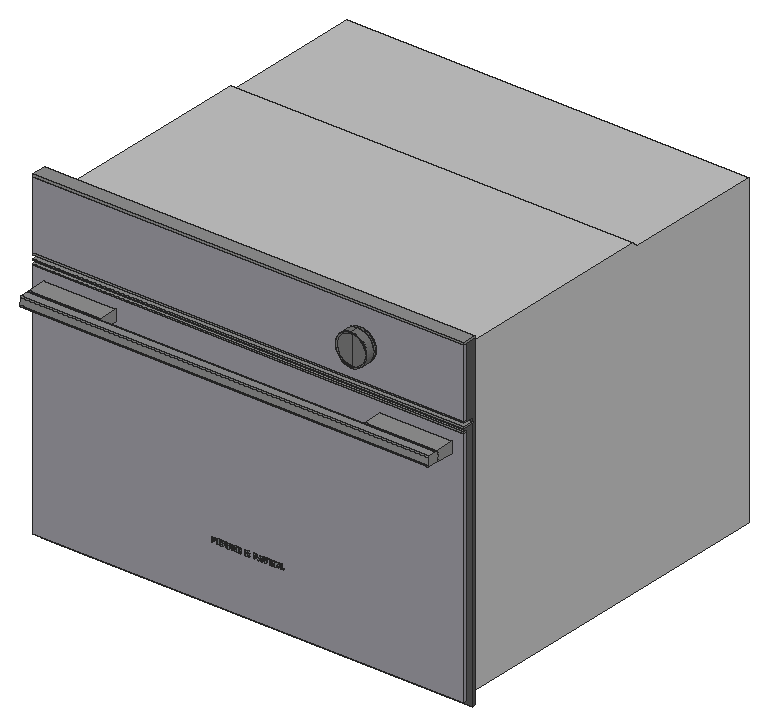
Revit family "FP-Revit19-en-OM60NMTDG1-CombinationSpeedOven-0-90003168A-AU-NZ-CN-IE-UK", category Specialty Equipment, Revit 2019
Family settings
  Round Connector Dimension = Use Diameter
  Part Type = Normal
  OmniClass Number = 23.40.40.14.17.11
  OmniClass Title = Cookers, Ovens, Stoves
  Work Plane-Based = No
  Always vertical = Yes
  Cut with Voids When Loaded = Yes
  Shared = No
  Room Calculation Point = No
Parameters (values of type "OM60NMTDG1")
  Visibility - Clearance Required = yes
  URL = "www.fisherpaykel.com"
  Product - Height = 458 mm  # constant formula
  Product - Width = 596 mm  # constant formula
  Product - Depth (Exc. Handles) = 565 mm  # constant formula
  Opening - Height = 460 mm  # constant formula
  Model = "OM60NMTDG1"
  Material - Trim = Fisher & Paykel - Aluminium, Dark
  Material - Structure = Fisher & Paykel - Black
  Material - Handle = Fisher & Paykel - Aluminium, Dark
  Material - Glass = Fisher & Paykel - Glass, Grey
  Material - Dial = Fisher & Paykel - Aluminium, Dark, Matt
  Material - Body = Fisher & Paykel - Grey
  Manufacturer = "Fisher & Paykel Appliances"
  FFL Offset [instance] = 900 mm
  Description = "Combination Microwave Oven, 60cm, 22 Function"
  Connector Description - Electrical = "220-240V , 50Hz , 20A"
  Chassis - Width = 556 mm  # constant formula
  Chassis - Height = 435 mm  # constant formula
  Chassis - Depth = 545 mm  # constant formula
  Cavity - Width = 560 mm  # constant formula
  Cavity - Height = 440 mm  # constant formula
  Cavity - Depth = 550 mm  # constant formula
Reference planes
  plane 1 "Datum": y = 0
  plane 2: z = -2
  plane 3 "Center (Left/Right)": x = 0
  plane 4 "Product - LHS": x = -298
  plane 5 "Product - RHS": x = 298
  plane 6 "Cavity - RHS": x = 280
  plane 7 "FFL Offset": z = 898
  plane 8 "Front Face": y = -20
  plane 9 "Chassis - Height": z = 1333
  plane 10 "Cavity - Height": z = 1338
  plane 11 "Opening - Height": z = 1358
  plane 12 "Chassis - Depth": y = 545
  plane 13 "Cavity - LHS": x = -280
  plane 14 "Cavity - Depth": y = 550
  plane 15 "Product - Height": z = 1356
  plane 16 "Opening - RHS": x = 300
  plane 17 "Opening - LHS": x = -300
  plane 18 "Chassis - LHS": x = -278
  plane 19 "Chassis - RHS": x = 278
Forms (mm)
  Extrusion 1, solid, material "Fisher & Paykel - Grey" <- "Material - Body"
    sketch origin (0, 0, 0) x (0, 1, 0) y (0, 0, 1)
      loop
        line (0, 1333) -> (0, 898) -> (528.001, 898) -> (528.001, 948) -> (545.001, 968.001) -> (545.001, 1163) -> (498, 1218) -> (498, 1326) -> (305, 1326) -> (298, 1333) -> (0, 1333)
    from -278 to 278
  Extrusion 2, solid, material "Fisher & Paykel - Black" <- "Material - Structure", detail levels fine
    sketch origin (0, 0, 0) x (0, 1, 0) y (0, 0, 1)
      loop
        line (0, 1352.7) -> (-16, 1352.7) -> (-16, 1256) -> (-4, 1256) -> (-4, 898) -> (0, 898) -> (0, 1352.7)
    from -298 to 298
  Extrusion 3, solid, material "Fisher & Paykel - Glass, Grey" <- "Material - Glass", detail levels fine
    sketch origin (0, 0, -3) x (0, 1, 0) y (0, 0, 1)
      loop
        line (-20, 1246.4) -> (-20, 912.8) -> (-16, 912.8) -> (-16, 1246.4) -> (-20, 1246.4)
      loop
        line (-20, 1260.8) -> (-16, 1260.8) -> (-16, 1355.7) -> (-20, 1355.7) -> (-20, 1260.8)
    from -298 to 298
  Extrusion 4, solid, material "Fisher & Paykel - Clearance Required", visible <- "Visibility - Clearance Required", detail levels coarse
    sketch origin (0, 0, -2) x (1, 0, 0) y (0, 1, 0)
      loop
        line (-280, 0) -> (280, 0) -> (280, 550) -> (-280, 550) -> (-280, 0)
    from 900 to 1340
  Extrusion 5, void
    sketch origin (0, 0, 0) x (0, 1, 0) y (0, 0, 1)
      loop
        line (-20, 898) -> (0, 898) -> (0, 1358) -> (-20, 1358) -> (-20, 898)
    from -300 to 300
  Extrusion 6, solid, material "Fisher & Paykel - Grey" <- "Material - Body"
    sketch origin (0, 2, 0) x (0, 1, 0) y (0, 0, 1)
      loop
        line (496, 1293.999) -> (496, 1237) -> (517.999, 1237) -> (517.999, 1293.999) -> (496, 1293.999)
    from 104 to 198
  Extrusion 7, solid, material "Fisher & Paykel - Aluminium, Dark" <- "Material - Trim", detail levels fine
    sketch origin (0, 0, -1.199) x (0, 1, 0) y (0, 0, 1)
      loop
        line (-16, 1257.199) -> (-16, 1258.999) -> (-20, 1258.999) -> (-20, 1257.199) -> (-16, 1257.199)
      loop
        line (-16, 1244.599) -> (-16, 1246.199) -> (-20, 1246.199) -> (-20, 1244.599) -> (-16, 1244.599)
      loop
        line (-4, 1250.799) -> (-4, 1252.399) -> (-20, 1252.399) -> (-20, 1250.799) -> (-4, 1250.799)
      loop
        line (0, 1353.899) -> (0, 1357.199) -> (-20, 1357.199) -> (-20, 1353.899) -> (0, 1353.899)
    from -298 to 298
  Extrusion 8, void
    sketch origin (0, 52, -2) x (1, 0, 0) y (0, 1, 0)
      loop
        line (229, 446) -> (278, 446) -> (278, 492.978) -> (201.878, 492.978) -> (229, 446)
      loop
        line (-229, 446) -> (-201.878, 492.978) -> (-278, 492.978) -> (-278, 446) -> (-229, 446)
    from 900 to 1340
  Extrusion 9, solid, material "Fisher & Paykel - Grey" <- "Material - Body"
    sketch origin (0, 6.626, -14.403) x (0, 1, 0) y (0, 0, 1)
      loop
        circle (501.374, 1279.903) r 5
    from 54 to 104
  Extrusion 10, void
    sketch origin (0, 0, -2) x (1, 0, 0) y (0, 1, 0)
      loop
        line (-280, 0) -> (280, 0) -> (280, 550) -> (-280, 550) -> (-280, 0)
    from 900 to 1340
  Extrusion 11, solid, material "Fisher & Paykel - Glass, Grey" <- "Material - Glass", detail levels coarse+medium
    sketch origin (0, 0, 0) x (0, 1, 0) y (0, 0, 1)
      loop
        line (-20, 1356) -> (-20, 1256) -> (-4, 1256) -> (-4, 1251.2) -> (-4, 1242.5) -> (-16, 1242.5) -> (-16, 1245) -> (-20, 1245) -> (-20, 909.8) -> (-4, 909.8) -> (-4, 898) -> (0, 898) -> (0, 1356) -> (-20, 1356)
    from -298 to 298
  Extrusion 12, solid, material "Fisher & Paykel - Black", detail levels fine
    sketch origin (0, 0, 0) x (0, 1, 0) y (0, 0, 1)
      loop
        line (-16, 1242.5) -> (-16, 909.8) -> (-4, 909.8) -> (-4, 1242.5) -> (-16, 1242.5)
    from -278 to 278
  Extrusion 13, solid, material "Fisher & Paykel - Clearance Required", visible <- "Visibility - Clearance Required", detail levels coarse
    sketch origin (0, 0, -15) x (0, 1, 0) y (0, 0, 1)
      loop
        line (-20, 927.07) -> (-20, 913) -> (0, 913) -> (0, 1373) -> (-20, 1373) -> (-20, 1260)
        arc (-20, 1260) -> (-242.697, 1184.786) -> (-349.951, 975.626) r 312.455
        line (-349.951, 975.626) -> (-323.58, 971.745) -> (-329.921, 928.657) -> (-313.601, 926.256) -> (-307.26, 969.344) -> (-20, 927.07)
    from -300 to 300
  Extrusion 14, void
    sketch origin (0, 0, 0) x (1, 0, 0) y (0, 0, 1)
      loop
        line (-132, 1285) -> (-140, 1285) -> (-140, 1277) -> (-132, 1277) -> (-132, 1285)
      loop
        line (-141, 1285) -> (-149, 1285) -> (-149, 1277) -> (-141, 1277) -> (-141, 1285)
      loop
        line (-150, 1285) -> (-158, 1285) -> (-158, 1277) -> (-150, 1277) -> (-150, 1285)
      loop
        line (-159, 1285) -> (-167, 1285) -> (-167, 1277) -> (-159, 1277) -> (-159, 1285)
      loop
        line (-168, 1285) -> (-176, 1285) -> (-176, 1277) -> (-168, 1277) -> (-168, 1285)
      loop
        line (-177, 1285) -> (-185, 1285) -> (-185, 1277) -> (-177, 1277) -> (-177, 1285)
      loop
        line (-186, 1285) -> (-194, 1285) -> (-194, 1277) -> (-186, 1277) -> (-186, 1285)
      loop
        line (-195, 1285) -> (-203, 1285) -> (-203, 1277) -> (-195, 1277) -> (-195, 1285)
      loop
        line (-204, 1285) -> (-212, 1285) -> (-212, 1277) -> (-204, 1277) -> (-204, 1285)
      loop
        line (-213, 1285) -> (-221, 1285) -> (-221, 1277) -> (-213, 1277) -> (-213, 1285)
      loop
        line (-222, 1285) -> (-230, 1285) -> (-230, 1277) -> (-222, 1277) -> (-222, 1285)
      loop
        line (-231, 1285) -> (-239, 1285) -> (-239, 1277) -> (-231, 1277) -> (-231, 1285)
      loop
        line (-240, 1285) -> (-248, 1285) -> (-248, 1277) -> (-240, 1277) -> (-240, 1285)
      loop
        line (-249, 1285) -> (-257, 1285) -> (-257, 1277) -> (-249, 1277) -> (-249, 1285)
      loop
        line (-258, 1285) -> (-266, 1285) -> (-266, 1277) -> (-258, 1277) -> (-258, 1285)
      loop
        line (-204, 1311.963) -> (-212, 1311.963) -> (-212, 1303.963) -> (-204, 1303.963) -> (-204, 1311.963)
      loop
        line (-213, 1311.963) -> (-221, 1311.963) -> (-221, 1303.963) -> (-213, 1303.963) -> (-213, 1311.963)
      loop
        line (-222, 1311.963) -> (-230, 1311.963) -> (-230, 1303.963) -> (-222, 1303.963) -> (-222, 1311.963)
      loop
        line (-231, 1311.963) -> (-239, 1311.963) -> (-239, 1303.963) -> (-231, 1303.963) -> (-231, 1311.963)
      loop
        line (-240, 1311.963) -> (-248, 1311.963) -> (-248, 1303.963) -> (-240, 1303.963) -> (-240, 1311.963)
      loop
        line (-249, 1311.963) -> (-257, 1311.963) -> (-257, 1303.963) -> (-249, 1303.963) -> (-249, 1311.963)
      loop
        line (-258, 1311.963) -> (-266, 1311.963) -> (-266, 1303.963) -> (-258, 1303.963) -> (-258, 1311.963)
      loop
        line (-204, 1303) -> (-212, 1303) -> (-212, 1295) -> (-204, 1295) -> (-204, 1303)
      loop
        line (-213, 1303) -> (-221, 1303) -> (-221, 1295) -> (-213, 1295) -> (-213, 1303)
      loop
        line (-222, 1303) -> (-230, 1303) -> (-230, 1295) -> (-222, 1295) -> (-222, 1303)
      loop
        line (-231, 1303) -> (-239, 1303) -> (-239, 1295) -> (-231, 1295) -> (-231, 1303)
      loop
        line (-240, 1303) -> (-248, 1303) -> (-248, 1295) -> (-240, 1295) -> (-240, 1303)
      loop
        line (-249, 1303) -> (-257, 1303) -> (-257, 1295) -> (-249, 1295) -> (-249, 1303)
      loop
        line (-258, 1303) -> (-266, 1303) -> (-266, 1295) -> (-258, 1295) -> (-258, 1303)
      loop
        line (-204, 1294) -> (-212, 1294) -> (-212, 1286) -> (-204, 1286) -> (-204, 1294)
      loop
        line (-213, 1294) -> (-221, 1294) -> (-221, 1286) -> (-213, 1286) -> (-213, 1294)
      loop
        line (-222, 1294) -> (-230, 1294) -> (-230, 1286) -> (-222, 1286) -> (-222, 1294)
      loop
        line (-231, 1294) -> (-239, 1294) -> (-239, 1286) -> (-231, 1286) -> (-231, 1294)
      loop
        line (-240, 1294) -> (-248, 1294) -> (-248, 1286) -> (-240, 1286) -> (-240, 1294)
      loop
        line (-249, 1294) -> (-257, 1294) -> (-257, 1286) -> (-249, 1286) -> (-249, 1294)
      loop
        line (-258, 1294) -> (-266, 1294) -> (-266, 1286) -> (-258, 1286) -> (-258, 1294)
      loop
        line (-132, 1276) -> (-140, 1276) -> (-140, 1268) -> (-132, 1268) -> (-132, 1276)
      loop
        line (-141, 1276) -> (-149, 1276) -> (-149, 1268) -> (-141, 1268) -> (-141, 1276)
      loop
        line (-150, 1276) -> (-158, 1276) -> (-158, 1268) -> (-150, 1268) -> (-150, 1276)
      loop
        line (-159, 1276) -> (-167, 1276) -> (-167, 1268) -> (-159, 1268) -> (-159, 1276)
      loop
        line (-168, 1276) -> (-176, 1276) -> (-176, 1268) -> (-168, 1268) -> (-168, 1276)
      loop
        line (-177, 1276) -> (-185, 1276) -> (-185, 1268) -> (-177, 1268) -> (-177, 1276)
      loop
        line (-186, 1276) -> (-194, 1276) -> (-194, 1268) -> (-186, 1268) -> (-186, 1276)
      loop
        line (-195, 1276) -> (-203, 1276) -> (-203, 1268) -> (-195, 1268) -> (-195, 1276)
      loop
        line (-204, 1276) -> (-212, 1276) -> (-212, 1268) -> (-204, 1268) -> (-204, 1276)
      loop
        line (-213, 1276) -> (-221, 1276) -> (-221, 1268) -> (-213, 1268) -> (-213, 1276)
      loop
        line (-222, 1276) -> (-230, 1276) -> (-230, 1268) -> (-222, 1268) -> (-222, 1276)
      loop
        line (-231, 1276) -> (-239, 1276) -> (-239, 1268) -> (-231, 1268) -> (-231, 1276)
      loop
        line (-240, 1276) -> (-248, 1276) -> (-248, 1268) -> (-240, 1268) -> (-240, 1276)
      loop
        line (-249, 1276) -> (-257, 1276) -> (-257, 1268) -> (-249, 1268) -> (-249, 1276)
      loop
        line (-258, 1276) -> (-266, 1276) -> (-266, 1268) -> (-258, 1268) -> (-258, 1276)
      loop
        line (-132, 1267) -> (-140, 1267) -> (-140, 1259) -> (-132, 1259) -> (-132, 1267)
      loop
        line (-141, 1267) -> (-149, 1267) -> (-149, 1259) -> (-141, 1259) -> (-141, 1267)
      loop
        line (-150, 1267) -> (-158, 1267) -> (-158, 1259) -> (-150, 1259) -> (-150, 1267)
      loop
        line (-159, 1267) -> (-167, 1267) -> (-167, 1259) -> (-159, 1259) -> (-159, 1267)
      loop
        line (-168, 1267) -> (-176, 1267) -> (-176, 1259) -> (-168, 1259) -> (-168, 1267)
      loop
        line (-177, 1267) -> (-185, 1267) -> (-185, 1259) -> (-177, 1259) -> (-177, 1267)
      loop
        line (-186, 1267) -> (-194, 1267) -> (-194, 1259) -> (-186, 1259) -> (-186, 1267)
      loop
        line (-195, 1267) -> (-203, 1267) -> (-203, 1259) -> (-195, 1259) -> (-195, 1267)
      loop
        line (-204, 1267) -> (-212, 1267) -> (-212, 1259) -> (-204, 1259) -> (-204, 1267)
      loop
        line (-213, 1267) -> (-221, 1267) -> (-221, 1259) -> (-213, 1259) -> (-213, 1267)
      loop
        line (-222, 1267) -> (-230, 1267) -> (-230, 1259) -> (-222, 1259) -> (-222, 1267)
      loop
        line (-231, 1267) -> (-239, 1267) -> (-239, 1259) -> (-231, 1259) -> (-231, 1267)
      loop
        line (-240, 1267) -> (-248, 1267) -> (-248, 1259) -> (-240, 1259) -> (-240, 1267)
      loop
        line (-249, 1267) -> (-257, 1267) -> (-257, 1259) -> (-249, 1259) -> (-249, 1267)
      loop
        line (-258, 1267) -> (-266, 1267) -> (-266, 1259) -> (-258, 1259) -> (-258, 1267)
      loop
        line (-132, 1258) -> (-140, 1258) -> (-140, 1250) -> (-132, 1250) -> (-132, 1258)
      loop
        line (-141, 1258) -> (-149, 1258) -> (-149, 1250) -> (-141, 1250) -> (-141, 1258)
      loop
        line (-150, 1258) -> (-158, 1258) -> (-158, 1250) -> (-150, 1250) -> (-150, 1258)
      loop
        line (-159, 1258) -> (-167, 1258) -> (-167, 1250) -> (-159, 1250) -> (-159, 1258)
      loop
        line (-168, 1258) -> (-176, 1258) -> (-176, 1250) -> (-168, 1250) -> (-168, 1258)
      loop
        line (-177, 1258) -> (-185, 1258) -> (-185, 1250) -> (-177, 1250) -> (-177, 1258)
      loop
        line (-186, 1258) -> (-194, 1258) -> (-194, 1250) -> (-186, 1250) -> (-186, 1258)
      loop
        line (-195, 1258) -> (-203, 1258) -> (-203, 1250) -> (-195, 1250) -> (-195, 1258)
      loop
        line (-204, 1258) -> (-212, 1258) -> (-212, 1250) -> (-204, 1250) -> (-204, 1258)
      loop
        line (-213, 1258) -> (-221, 1258) -> (-221, 1250) -> (-213, 1250) -> (-213, 1258)
      loop
        line (-222, 1258) -> (-230, 1258) -> (-230, 1250) -> (-222, 1250) -> (-222, 1258)
      loop
        line (-231, 1258) -> (-239, 1258) -> (-239, 1250) -> (-231, 1250) -> (-231, 1258)
      loop
        line (-240, 1258) -> (-248, 1258) -> (-248, 1250) -> (-240, 1250) -> (-240, 1258)
      loop
        line (-249, 1258) -> (-257, 1258) -> (-257, 1250) -> (-249, 1250) -> (-249, 1258)
      loop
        line (-258, 1258) -> (-266, 1258) -> (-266, 1250) -> (-258, 1250) -> (-258, 1258)
      loop
        line (-132, 1249) -> (-140, 1249) -> (-140, 1241) -> (-132, 1241) -> (-132, 1249)
      loop
        line (-141, 1249) -> (-149, 1249) -> (-149, 1241) -> (-141, 1241) -> (-141, 1249)
      loop
        line (-150, 1249) -> (-158, 1249) -> (-158, 1241) -> (-150, 1241) -> (-150, 1249)
      loop
        line (-159, 1249) -> (-167, 1249) -> (-167, 1241) -> (-159, 1241) -> (-159, 1249)
      loop
        line (-168, 1249) -> (-176, 1249) -> (-176, 1241) -> (-168, 1241) -> (-168, 1249)
      loop
        line (-177, 1249) -> (-185, 1249) -> (-185, 1241) -> (-177, 1241) -> (-177, 1249)
      loop
        line (-186, 1249) -> (-194, 1249) -> (-194, 1241) -> (-186, 1241) -> (-186, 1249)
      loop
        line (-195, 1249) -> (-203, 1249) -> (-203, 1241) -> (-195, 1241) -> (-195, 1249)
      loop
        line (-204, 1249) -> (-212, 1249) -> (-212, 1241) -> (-204, 1241) -> (-204, 1249)
      loop
        line (-213, 1249) -> (-221, 1249) -> (-221, 1241) -> (-213, 1241) -> (-213, 1249)
      loop
        line (-222, 1249) -> (-230, 1249) -> (-230, 1241) -> (-222, 1241) -> (-222, 1249)
      loop
        line (-231, 1249) -> (-239, 1249) -> (-239, 1241) -> (-231, 1241) -> (-231, 1249)
      loop
        line (-240, 1249) -> (-248, 1249) -> (-248, 1241) -> (-240, 1241) -> (-240, 1249)
      loop
        line (-249, 1249) -> (-257, 1249) -> (-257, 1241) -> (-249, 1241) -> (-249, 1249)
      loop
        line (-258, 1249) -> (-266, 1249) -> (-266, 1241) -> (-258, 1241) -> (-258, 1249)
      loop
        line (-132, 1240) -> (-140, 1240) -> (-140, 1232) -> (-132, 1232) -> (-132, 1240)
      loop
        line (-141, 1240) -> (-149, 1240) -> (-149, 1232) -> (-141, 1232) -> (-141, 1240)
      loop
        line (-150, 1240) -> (-158, 1240) -> (-158, 1232) -> (-150, 1232) -> (-150, 1240)
      loop
        line (-159, 1240) -> (-167, 1240) -> (-167, 1232) -> (-159, 1232) -> (-159, 1240)
      loop
        line (-168, 1240) -> (-176, 1240) -> (-176, 1232) -> (-168, 1232) -> (-168, 1240)
      loop
        line (-177, 1240) -> (-185, 1240) -> (-185, 1232) -> (-177, 1232) -> (-177, 1240)
      loop
        line (-186, 1240) -> (-194, 1240) -> (-194, 1232) -> (-186, 1232) -> (-186, 1240)
      loop
        line (-195, 1240) -> (-203, 1240) -> (-203, 1232) -> (-195, 1232) -> (-195, 1240)
      loop
        line (-204, 1240) -> (-212, 1240) -> (-212, 1232) -> (-204, 1232) -> (-204, 1240)
      loop
        line (-213, 1240) -> (-221, 1240) -> (-221, 1232) -> (-213, 1232) -> (-213, 1240)
      loop
        line (-222, 1240) -> (-230, 1240) -> (-230, 1232) -> (-222, 1232) -> (-222, 1240)
      loop
        line (-231, 1240) -> (-239, 1240) -> (-239, 1232) -> (-231, 1232) -> (-231, 1240)
      loop
        line (-240, 1240) -> (-248, 1240) -> (-248, 1232) -> (-240, 1232) -> (-240, 1240)
      loop
        line (-249, 1240) -> (-257, 1240) -> (-257, 1232) -> (-249, 1232) -> (-249, 1240)
      loop
        line (-258, 1240) -> (-266, 1240) -> (-266, 1232) -> (-258, 1232) -> (-258, 1240)
      loop
        line (-213, 1231) -> (-221, 1231) -> (-221, 1223) -> (-213, 1223) -> (-213, 1231)
      loop
        line (-222, 1231) -> (-230, 1231) -> (-230, 1223) -> (-222, 1223) -> (-222, 1231)
      loop
        line (-231, 1231) -> (-239, 1231) -> (-239, 1223) -> (-231, 1223) -> (-231, 1231)
      loop
        line (-240, 1231) -> (-248, 1231) -> (-248, 1223) -> (-240, 1223) -> (-240, 1231)
      loop
        line (-249, 1231) -> (-257, 1231) -> (-257, 1223) -> (-249, 1223) -> (-249, 1231)
      loop
        line (-258, 1231) -> (-266, 1231) -> (-266, 1223) -> (-258, 1223) -> (-258, 1231)
    from -498 to -497
Cuts and joins
  Extrusion 8, Extrusion 14 cuts Extrusion 1
  Extrusion 14 cuts Extrusion 2
  Extrusion 14 cuts Extrusion 3
  Extrusion 14 cuts Extrusion 7
  Extrusion 14 cuts Extrusion 11
  Extrusion 14 cuts Extrusion 12
  Extrusion 14 cuts Extrusion 13
Text (mm)
  text "Due to ongoing product development, product details are subject to change without notice. \nPlease always refer to www.fisherpaykel.com for the most current product information. \n© Fisher & Paykel 2020" at (41.04, -613.295, 0), in view "Ref. Level (Plan)"
Dimensions and locks
  equal spacing: plane 4 "Product - LHS", plane 3 "Center (Left/Right)", plane 5 "Product - RHS"
  "Product - Width": plane 4 "Product - LHS" to plane 5 "Product - RHS"
  "FFL Offset": plane 7 "FFL Offset" to level
  locked: plane 8 "Front Face" to plane 1 "Datum" at 20
  "Cavity - Height": plane 10 "Cavity - Height" to plane 7 "FFL Offset"
  "Chassis - Height": plane 9 "Chassis - Height" to plane 7 "FFL Offset"
  "Cavity - Depth": plane 1 "Datum" to plane 14 "Cavity - Depth"
  "Cavity - Width": plane 13 "Cavity - LHS" to plane 6 "Cavity - RHS"
  Extrusion 5 to Extrusion 3 = 11.8 mm
  equal spacing: plane 13 "Cavity - LHS", plane 3 "Center (Left/Right)", plane 6 "Cavity - RHS"
  "Opening - Height": plane 7 "FFL Offset" to plane 11 "Opening - Height"
  "Product - Height": plane 7 "FFL Offset" to plane 15 "Product - Height"
  equal spacing: cut or joined group of Extrusion 1, Extrusion 8, Extrusion 14, plane 3 "Center (Left/Right)", cut or joined group of Extrusion 1, Extrusion 8, Extrusion 14
  "Chassis - Width": cut or joined group of Extrusion 1, Extrusion 8, Extrusion 14 to cut or joined group of Extrusion 1, Extrusion 8, Extrusion 14
  locked: nested 2 to plane 15 "Product - Height" at 366.018
  locked: plane 15 "Product - Height" to nested 3 at 135
  "Chassis - Depth": plane 1 "Datum" to plane 12 "Chassis - Depth"
  plane 8 "Front Face" to plane 12 "Chassis - Depth" = 565 mm
  equal spacing: plane 17 "Opening - LHS", plane 3 "Center (Left/Right)", plane 16 "Opening - RHS"
  locked: nested 1 to plane 15 "Product - Height" at 52
  aligned and locked: level to plane 2
  aligned and locked: plane 4 "Product - LHS" to Extrusion 3
  aligned and locked: Extrusion 3 to plane 5 "Product - RHS"
  aligned and locked: plane 4 "Product - LHS" to Extrusion 2
  aligned and locked: Extrusion 2 to plane 5 "Product - RHS"
  aligned and locked: Extrusion 1 to plane 7 "FFL Offset"
  aligned and locked: Extrusion 7 to plane 5 "Product - RHS"
  aligned and locked: Extrusion 7 to Extrusion 3
  aligned and locked: Extrusion 5 to Extrusion 3
  aligned and locked: Extrusion 3 to Extrusion 7
  aligned and locked: Extrusion 7 to plane 1 "Datum"
  aligned and locked: plane 8 "Front Face" to Extrusion 5
  aligned and locked: Extrusion 4 to plane 6 "Cavity - RHS"
  aligned and locked: Extrusion 9 to Extrusion 6
  aligned and locked: plane 10 "Cavity - Height" to Extrusion 4
  aligned and locked: Extrusion 5 to plane 11 "Opening - Height"
  aligned and locked: Extrusion 5 to Extrusion 2
  aligned and locked: Extrusion 7 to plane 15 "Product - Height"
  aligned and locked: Extrusion 7 to Extrusion 2
  aligned and locked: Extrusion 4 to Extrusion 2
  aligned and locked: Extrusion 4 to Extrusion 8
  aligned and locked: Extrusion 4 to plane 7 "FFL Offset"
  aligned and locked: Extrusion 1 to Extrusion 8
  aligned and locked: plane 10 "Cavity - Height" to Extrusion 10
  aligned and locked: Extrusion 2 to Extrusion 10
  aligned and locked: plane 9 "Chassis - Height" to Extrusion 1
  aligned and locked: Extrusion 3 to Extrusion 12
  aligned and locked: Extrusion 14 to Extrusion 6
  aligned and locked: Extrusion 11 to plane 5 "Product - RHS"
  aligned and locked: plane 4 "Product - LHS" to Extrusion 11
Automatic sketch dimensions
  Extrusion 2 sketch curve to plane 7 "FFL Offset" = 0 mm
  Extrusion 2 sketch curve to plane 1 "Datum" = 0 mm
  plane 1 "Datum" to Extrusion 2 sketch curve = 4 mm
  Extrusion 2 sketch curve to plane 8 "Front Face" = 4 mm
  Extrusion 2 sketch curve to plane 9 "Chassis - Height" = 77 mm
  plane 15 "Product - Height" to Extrusion 2 sketch curve = 3.3 mm
  Extrusion 3 sketch curve to plane 8 "Front Face" = 0 mm  (x2)
  Extrusion 3 sketch curve to Extrusion 3 sketch curve = 4 mm  (x2)
  plane 7 "FFL Offset" to Extrusion 3 sketch curve = 11.8 mm
  Extrusion 3 sketch curve to plane 9 "Chassis - Height" = 89.6 mm
  Extrusion 3 sketch curve to Extrusion 3 sketch curve = 14.4 mm
  plane 15 "Product - Height" to Extrusion 3 sketch curve = 3.3 mm
  Extrusion 4 sketch curve to plane 13 "Cavity - LHS" = 0 mm
  Extrusion 4 sketch curve to plane 6 "Cavity - RHS" = 0 mm
  plane 1 "Datum" to Extrusion 4 sketch curve = 0 mm
  Extrusion 4 sketch curve to plane 14 "Cavity - Depth" = 0 mm
  Extrusion 5 sketch curve to plane 8 "Front Face" = 0 mm
  Extrusion 5 sketch curve to plane 1 "Datum" = 0 mm
  Extrusion 5 sketch curve to plane 7 "FFL Offset" = 0 mm
  plane 11 "Opening - Height" to Extrusion 5 sketch curve = 0 mm
  Extrusion 6 sketch curve to Extrusion 6 sketch curve = 21.999 mm
  Extrusion 6 sketch curve to plane 9 "Chassis - Height" = 96 mm
  Extrusion 6 sketch curve to plane 9 "Chassis - Height" = 39.001 mm
  Extrusion 7 sketch curve to plane 8 "Front Face" = 0 mm  (x4)
  Extrusion 7 sketch curve to plane 1 "Datum" = 0 mm
  plane 15 "Product - Height" to Extrusion 7 sketch curve = 0 mm
  Extrusion 7 sketch curve to Extrusion 7 sketch curve = 4 mm  (x2)
  plane 1 "Datum" to Extrusion 7 sketch curve = 4 mm
  plane 15 "Product - Height" to Extrusion 7 sketch curve = 3.3 mm
  Extrusion 7 sketch curve to plane 9 "Chassis - Height" = 75.2 mm
  Extrusion 7 sketch curve to Extrusion 7 sketch curve = 1.8 mm
  Extrusion 7 sketch curve to Extrusion 7 sketch curve = 4.8 mm
  Extrusion 7 sketch curve to Extrusion 7 sketch curve = 1.6 mm  (x2)
  Extrusion 7 sketch curve to Extrusion 7 sketch curve = 4.6 mm
  Extrusion 8 sketch curve to plane 18 "Chassis - LHS" = 0 mm
  Extrusion 8 sketch curve to plane 19 "Chassis - RHS" = 0 mm
  Extrusion 8 sketch curve to plane 18 "Chassis - LHS" = 49 mm
  plane 12 "Chassis - Depth" to Extrusion 8 sketch curve = 0.022 mm  (x2)
  Extrusion 8 sketch curve to Extrusion 8 sketch curve = 27.122 mm
  plane 19 "Chassis - RHS" to Extrusion 8 sketch curve = 76.122 mm
  plane 19 "Chassis - RHS" to Extrusion 8 sketch curve = 49 mm
  Extrusion 9 sketch curve to plane 9 "Chassis - Height" = 67.5 mm
  Extrusion 10 sketch curve to plane 13 "Cavity - LHS" = 0 mm
  Extrusion 10 sketch curve to plane 6 "Cavity - RHS" = 0 mm
  plane 1 "Datum" to Extrusion 10 sketch curve = 0 mm
  Extrusion 10 sketch curve to plane 14 "Cavity - Depth" = 0 mm
  Extrusion 12 sketch curve to plane 8 "Front Face" = 4 mm
  plane 1 "Datum" to Extrusion 12 sketch curve = 4 mm
  plane 7 "FFL Offset" to Extrusion 12 sketch curve = 11.8 mm
  Extrusion 12 sketch curve to plane 9 "Chassis - Height" = 90.5 mm
  Extrusion 13 sketch curve to plane 8 "Front Face" = 0 mm  (x2)
  Extrusion 13 sketch curve to plane 1 "Datum" = 0 mm
  Extrusion 13 sketch curve to plane 7 "FFL Offset" = 0 mm
  plane 11 "Opening - Height" to Extrusion 13 sketch curve = 0 mm
  plane 8 "Front Face" to Extrusion 13 sketch curve = 18.71 mm
  plane 7 "FFL Offset" to Extrusion 13 sketch curve = 56.344 mm
  Extrusion 13 sketch curve to Extrusion 13 sketch curve = 268.55 mm
  plane 7 "FFL Offset" to Extrusion 13 sketch curve = 13.256 mm
  Extrusion 13 sketch curve to Extrusion 13 sketch curve = 6.341 mm
  plane 7 "FFL Offset" to Extrusion 13 sketch curve = 58.745 mm
  Extrusion 13 sketch curve to Extrusion 13 sketch curve = 16.32 mm
  plane 7 "FFL Offset" to Extrusion 13 sketch curve = 62.626 mm
  Extrusion 13 sketch curve to Extrusion 13 sketch curve = 21.035 mm
  Extrusion 14 sketch curve to plane 18 "Chassis - LHS" = 12 mm  (x2)
  Extrusion 14 sketch curve to Extrusion 14 sketch curve = 0 mm  (x242)
  Extrusion 14 sketch curve to Extrusion 14 sketch curve = 8 mm  (x74)
  Extrusion 14 sketch curve to Extrusion 14 sketch curve = 1 mm  (x142)
  Extrusion 14 sketch curve to Extrusion 14 sketch curve = 0.963 mm  (x7)
  Extrusion 14 sketch curve to plane 9 "Chassis - Height" = 110 mm
  plane 12 "Chassis - Depth" to Extrusion 6 sketch curve = 47 mm
  plane 12 "Chassis - Depth" to Extrusion 8 sketch curve = 47 mm  (x2)
  plane 12 "Chassis - Depth" to Extrusion 9 sketch curve = 37 mm
  Extrusion 1 sketch curve to plane 1 "Datum" = 0 mm
  Extrusion 1 sketch curve to plane 9 "Chassis - Height" = 0 mm
  Extrusion 1 sketch curve to plane 7 "FFL Offset" = 0 mm
  Extrusion 1 sketch curve to plane 12 "Chassis - Depth" = 0.001 mm
  plane 12 "Chassis - Depth" to Extrusion 1 sketch curve = 247 mm
  Extrusion 1 sketch curve to Extrusion 1 sketch curve = 7 mm
  Extrusion 1 sketch curve to plane 9 "Chassis - Height" = 7 mm
  plane 12 "Chassis - Depth" to Extrusion 1 sketch curve = 47 mm
  plane 12 "Chassis - Depth" to Extrusion 1 sketch curve = 16.999 mm
  Extrusion 1 sketch curve to Extrusion 1 sketch curve = 50 mm
  Extrusion 1 sketch curve to Extrusion 1 sketch curve = 163 mm
  Extrusion 1 sketch curve to Extrusion 1 sketch curve = 55 mm
  Extrusion 1 sketch curve to Extrusion 1 sketch curve = 20.001 mm
  Extrusion 11 sketch curve to plane 8 "Front Face" = 0 mm  (x2)
  Extrusion 11 sketch curve to plane 7 "FFL Offset" = 0 mm
  Extrusion 11 sketch curve to plane 1 "Datum" = 0 mm
  plane 15 "Product - Height" to Extrusion 11 sketch curve = 0 mm
  Extrusion 11 sketch curve to Extrusion 11 sketch curve = 4 mm
  plane 1 "Datum" to Extrusion 11 sketch curve = 4 mm  (x2)
  plane 7 "FFL Offset" to Extrusion 11 sketch curve = 11.8 mm
  Extrusion 11 sketch curve to plane 9 "Chassis - Height" = 90.5 mm
  Extrusion 11 sketch curve to Extrusion 11 sketch curve = 2.5 mm
  Extrusion 11 sketch curve to Extrusion 11 sketch curve = 8.7 mm
  Extrusion 11 sketch curve to Extrusion 11 sketch curve = 11 mm
  radius of Extrusion 9 sketch curve = 5 mm
Nested families
  nested 1: "F&P Dial Minimal Oven" at (155.3, -20, 1304), type "F&P Dial Minimal Oven"
  nested 2: "F&P Logo 100mm" at (0.044, -20, 987.177), type "Grey"
  nested 3: "F&P Handle Contemporary Square Fine OB60-24" at (0, -20, 1221.022), type "Aluminium Black"
Connectors
  electrical at (54, 508, 1265.5), driven by "Connector Description - Electrical"
    settings: on Extrusion 9, index 1, voltage 230 V, apparent load 0 VA, apparent load phase1 0 VA, apparent load phase2 0 VA, apparent load phase3 0 VA, power factor 1, load classification "Other", number of poles 1, system type 30, power factor state 1, is connector primary yes, connector utility no, sub classification motor no, connector description "220-240V , 50Hz , 20A"
Definition of nested family "F&P Dial Minimal Oven"
  Parameters (values of type "F&P Dial Minimal Oven")
    URL = "www.fisherpaykel.com"
    Material - Buttons and Dials = none
    Manufacturer = "Fisher & Paykel Appliances"
  Reference planes
    plane 1 "Center (Front/Back)": y = 0
    plane 2: z = 0
    plane 3 "Center (Left/Right)": x = 0
    plane 4: x = 0
    plane 5 "Dial": z = 0
  Forms (mm)
    Revolve 1, solid, material <- "Material - Buttons and Dials", detail levels fine
      sketch origin (0, 0, 0) x (0, 1, 0) y (0, 0, 1)
        loop
          line (-15.2, 0) -> (0, 0) -> (0, 22) -> (-0.8, 22) -> (-0.8, 18.5) -> (-4.2, 18.5) -> (-4.2, 20.136) -> (-4.7, 22) -> (-15.8, 22) -> (-15.8, 21.2) -> (-15.301, 20) -> (-15.301, 0)
        axis (-15.8, 0) -> (0, 0)
      angle from 0 to 360
    Revolve 2, solid, material <- "Material - Buttons and Dials", detail levels coarse+medium
      sketch origin (0, 0, 0) x (0, 1, 0) y (0, 0, 1)
        loop
          line (0, 18.5) -> (-4.2, 18.5) -> (-4.2, 22) -> (-15.8, 22) -> (-15.8, 0) -> (0, 0) -> (0, 18.5)
        axis (-15.8, 0) -> (0, 0)
      angle from 0 to 360
  Dimensions and locks
    aligned and locked: level to plane 2
Definition of nested family "F&P Logo 100mm"
  Parameters (values of type "Grey")
    URL = "www.fisherpaykel.com"
    Material - Logo = none
    Manufacturer = "Fisher & Paykel Appliances"
  Reference planes
    plane 1 "Center (Front/Back)": y = 0
    plane 2: z = 0
    plane 3 "Center (Left/Right)": x = 0
    plane 4 "Logo": z = 2.805
  Forms (mm)
    Extrusion 1, solid, material <- "Material - Logo", detail levels fine
      sketch origin (0, 0, 0) x (1, 0, 0) y (0, 0, 1)
        loop
          line (-50.044, 0) -> (-48.47, 0) -> (-48.47, 2.138) -> (-46.011, 2.138) -> (-46.011, 3.472) -> (-48.47, 3.472) -> (-48.47, 4.712) -> (-45.795, 4.712) -> (-45.795, 6.04) -> (-50.044, 6.04) -> (-50.044, 0)
        loop
          line (-42.804, 6.04) -> (-42.804, 0) -> (-41.23, 0) -> (-41.23, 6.04) -> (-42.804, 6.04)
        loop
          line (-30.724, 6.04) -> (-30.724, 0) -> (-29.151, 0) -> (-29.151, 2.42) -> (-26.839, 2.42) -> (-26.839, 0) -> (-25.265, 0) -> (-25.265, 6.04) -> (-26.839, 6.04) -> (-26.839, 3.748) -> (-29.151, 3.748) -> (-29.151, 6.04) -> (-30.724, 6.04)
        loop
          line (-21.906, 6.04) -> (-21.906, 0) -> (-17.602, 0) -> (-17.602, 1.328) -> (-20.347, 1.328) -> (-20.347, 2.42) -> (-17.838, 2.42) -> (-17.838, 3.748) -> (-20.347, 3.748) -> (-20.347, 4.712) -> (-17.602, 4.712) -> (-17.602, 6.04) -> (-21.906, 6.04)
        loop
          line (45.667, 6.04) -> (45.667, 0) -> (49.956, 0) -> (49.956, 1.328) -> (47.241, 1.328) -> (47.241, 6.04) -> (45.667, 6.04)
        loop
          line (42.431, 6.04) -> (38.112, 6.04) -> (38.112, 0) -> (42.431, 0) -> (42.431, 1.328) -> (39.687, 1.328) -> (39.687, 2.42) -> (42.195, 2.42) -> (42.195, 3.748) -> (39.687, 3.748) -> (39.687, 4.712) -> (42.431, 4.712) -> (42.431, 6.04)
        loop
          line (33.443, 3.137) -> (35.683, 6.04) -> (33.844, 6.04) -> (31.915, 3.542) -> (31.915, 6.04) -> (30.342, 6.04) -> (30.342, 0) -> (31.915, 0) -> (31.915, 2.705) -> (33.903, 0) -> (35.747, 0) -> (33.443, 3.137)
        loop
          line (21.98, 6.04) -> (24.262, 2.42) -> (24.262, 0) -> (25.837, 0) -> (25.837, 2.341) -> (28.119, 6.04) -> (26.446, 6.04) -> (25.099, 3.707) -> (23.753, 6.04) -> (21.98, 6.04)
        loop
          line (18.479, 6.04) -> (16.983, 6.04) -> (14.524, 0) -> (16.069, 0) -> (16.501, 1.112) -> (18.786, 1.112) -> (19.219, 0) -> (20.938, 0) -> (18.479, 6.04)
        loop
          line (18.4, 2.439) -> (17.693, 4.174) -> (17.018, 2.439) -> (18.4, 2.439)
        loop
          line (8.031, 6.04) -> (8.031, 0) -> (9.605, 0) -> (9.605, 1.938) -> (10.599, 1.938)
          arc (10.599, 1.938) -> (12.65, 3.989) -> (10.599, 6.04) r 2.051
          line (10.599, 6.04) -> (8.031, 6.04)
        loop
          line (9.605, 4.712) -> (9.605, 3.197) -> (10.501, 3.197)
          arc (10.501, 3.197) -> (11.259, 3.954) -> (10.501, 4.712) r 0.757
          line (10.501, 4.712) -> (9.605, 4.712)
        loop
          line (-11.783, 6.04) -> (-14.366, 6.04) -> (-14.366, 0) -> (-12.792, 0) -> (-12.792, 1.336) -> (-11.992, 1.336) -> (-10.972, 0) -> (-9.153, 0) -> (-10.694, 1.973)
          arc (-10.694, 1.973) -> (-9.678, 4.424) -> (-11.783, 6.04) r 2.179
        loop
          line (-11.897, 4.712) -> (-12.792, 4.712) -> (-12.792, 3.053) -> (-11.897, 3.053)
          arc (-11.897, 3.053) -> (-11.068, 3.882) -> (-11.897, 4.712) r 0.83
        loop
          line (0.477, 4.712) -> (0.477, 6.153) -> (-3.575, 6.153) -> (-3.575, 4.851) -> (-2.974, 4.112)
          arc (-2.974, 4.112) -> (-3.51, 0.684) -> (-0.045, 0.512) r 2.334
          line (-0.045, 0.512) -> (0.46, -0.109) -> (2.246, -0.109) -> (0.86, 1.594) -> (2.061, 3.324) -> (0.443, 3.324) -> (-0.013, 2.667) -> (-1.677, 4.712) -> (0.477, 4.712)
        loop
          arc (-2.125, 3.068) -> (-2.269, 1.668) -> (-0.868, 1.524) r 0.996
          line (-0.868, 1.524) -> (-2.125, 3.068)
        loop
          line (-35.18, 3.634) -> (-36.516, 3.91)
          arc (-36.516, 3.91) -> (-37.049, 4.443) -> (-36.516, 4.976) r 0.533
          arc (-36.516, 4.976) -> (-35.235, 4.79) -> (-34.059, 4.248) r 4.505
          line (-34.059, 4.248) -> (-34.059, 5.743)
          arc (-34.059, 5.743) -> (-35.549, 6.179) -> (-37.1, 6.109) r 4.726
          arc (-37.1, 6.109) -> (-38.536, 4.335) -> (-37.1, 2.561) r 1.814
          line (-37.1, 2.561) -> (-35.754, 2.282)
          arc (-35.754, 2.282) -> (-35.221, 1.749) -> (-35.754, 1.216) r 0.533
          arc (-35.754, 1.216) -> (-37.035, 1.402) -> (-38.211, 1.945) r 4.505
          line (-38.211, 1.945) -> (-38.211, 0.449)
          arc (-38.211, 0.449) -> (-36.72, 0.013) -> (-35.169, 0.083) r 4.726
          arc (-35.169, 0.083) -> (-33.734, 1.863) -> (-35.18, 3.634) r 1.814
      from 0 to 0.8
  Dimensions and locks
    aligned and locked: level to plane 2
Definition of nested family "F&P Handle Contemporary Square Fine OB60-24"
  Parameters (values of type "Aluminium Black")
    URL = "www.fisherpaykel.com"
    Material - Handle = none
    Manufacturer = "Fisher & Paykel Appliances"
    Handle - Length = 565 mm
  Reference planes
    plane 1 "Center (Front/Back)": y = 0
    plane 2: z = 0
    plane 3 "Center (Left/Right)": x = 0
    plane 4 "Product LHS": x = -282.5
    plane 5 "Product RHS": x = 282.5
    plane 6 "LHS Standoff": x = -182.495
    plane 7 "RHS Standoff": x = 182.505
    plane 8 "Handle centre": z = -0.022
    plane 9: z = -0.022
  Forms (mm)
    Extrusion 1, solid, material <- "Material - Handle", detail levels fine
      sketch origin (0, 0, 0) x (0, 1, 0) y (0, 0, 1)
        loop
          arc (-26.813, 6.16) -> (-27.196, 6.554) -> (-27.728, 6.686) r 1
          line (-27.728, 6.686) -> (-40.035, 6.256)
          arc (-40.035, 6.256) -> (-40.719, 5.951) -> (-41, 5.257) r 1
          line (-41, 5.257) -> (-41, -5.257)
          arc (-41, -5.257) -> (-40.719, -5.951) -> (-40.035, -6.256) r 1
          line (-40.035, -6.256) -> (-27.709, -6.686)
          arc (-27.709, -6.686) -> (-27.175, -6.554) -> (-26.792, -6.158) r 1
          arc (-26.792, -6.158) -> (-25.256, 0.004) -> (-26.813, 6.16) r 13.038
      from -282.5 to 282.5
    Extrusion 2, solid, material <- "Material - Handle", detail levels fine
      sketch origin (0, 0, 0) x (0, 1, 0) y (0, 0, 1)
        loop
          arc (-26.626, -6.008) -> (-26.614, -6.49) -> (-26.2, -6.737) r 0.5
          line (-26.2, -6.737) -> (0, -7.696) -> (0, 7.704) -> (-26.174, 6.747)
          arc (-26.174, 6.747) -> (-26.587, 6.5) -> (-26.6, 6.019) r 0.5
          arc (-26.6, 6.019) -> (-25.156, 0.002) -> (-26.626, -6.008) r 13.136
      from 182.505 to 282.5
    Extrusion 3, solid, material <- "Material - Handle", detail levels coarse+medium
      sketch origin (0, 0, 0) x (1, 0, 0) y (0, 1, 0)
        loop
          line (-282.5, -42) -> (282.5, -42) -> (282.5, 0) -> (182.505, 0) -> (182.505, -26.156) -> (-182.495, -26.156) -> (-182.495, 0) -> (-282.5, 0) -> (-282.5, -42)
      from -8.022 to 7.978
    Extrusion 4, solid, material <- "Material - Handle", detail levels fine
      sketch origin (0, 0, 0) x (0, 1, 0) y (0, 0, 1)
        loop
          arc (-26.626, -6.008) -> (-26.614, -6.49) -> (-26.2, -6.737) r 0.5
          line (-26.2, -6.737) -> (0, -7.696) -> (0, 7.704) -> (-26.174, 6.747)
          arc (-26.174, 6.747) -> (-26.587, 6.5) -> (-26.6, 6.019) r 0.5
          arc (-26.6, 6.019) -> (-25.156, 0.002) -> (-26.626, -6.008) r 13.136
      from -282.5 to -182.495
  Dimensions and locks
    equal spacing: plane 4 "Product LHS", plane 3 "Center (Left/Right)", plane 5 "Product RHS"
    "Handle - Length": plane 4 "Product LHS" to plane 5 "Product RHS"
    locked: plane 4 "Product LHS" to plane 6 "LHS Standoff" at 100.005
    locked: plane 7 "RHS Standoff" to plane 5 "Product RHS" at 99.995
    aligned and locked: level to plane 2
    aligned and locked: Extrusion 1 to plane 5 "Product RHS"
    aligned and locked: plane 4 "Product LHS" to Extrusion 1
    aligned and locked: Extrusion 2 to plane 5 "Product RHS"
    aligned and locked: plane 4 "Product LHS" to Extrusion 3 sketch curve
    aligned and locked: Extrusion 3 sketch curve to plane 5 "Product RHS"
    aligned and locked: Extrusion 3 sketch curve to plane 7 "RHS Standoff"
    aligned and locked: plane 6 "LHS Standoff" to Extrusion 3 sketch curve
    aligned and locked: plane 4 "Product LHS" to Extrusion 4
    aligned and locked: plane 6 "LHS Standoff" to Extrusion 4
    aligned and locked: Extrusion 2 to plane 7 "RHS Standoff"
  Automatic sketch dimensions
    Extrusion 1 sketch curve to level = 5.257 mm
    plane 1 "Center (Front/Back)" to Extrusion 1 sketch curve = 41 mm
    level to Extrusion 1 sketch curve = 6.256 mm
    Extrusion 1 sketch curve to Extrusion 1 sketch curve = 0.965 mm  (x2)
    Extrusion 1 sketch curve to level = 6.256 mm
    Extrusion 1 sketch curve to Extrusion 1 sketch curve = 0.035 mm  (x3)
    Extrusion 1 sketch curve to level = 0.018 mm
    Extrusion 1 sketch curve to Extrusion 1 sketch curve = 1.706 mm
    level to Extrusion 1 sketch curve = 6.686 mm
    Extrusion 1 sketch curve to Extrusion 1 sketch curve = 12.307 mm
    Extrusion 1 sketch curve to level = 6.686 mm
    Extrusion 1 sketch curve to Extrusion 1 sketch curve = 12.326 mm
    Extrusion 1 sketch curve to Extrusion 1 sketch curve = 0.999 mm  (x2)
    Extrusion 1 sketch curve to Extrusion 1 sketch curve = 0 mm
    Extrusion 2 sketch curve to plane 1 "Center (Front/Back)" = 0 mm
    level to Extrusion 2 sketch curve = 6.247 mm
    plane 1 "Center (Front/Back)" to Extrusion 2 sketch curve = 26.155 mm
    level to Extrusion 2 sketch curve = 6.747 mm
    Extrusion 2 sketch curve to Extrusion 2 sketch curve = 0.018 mm  (x2)
    Extrusion 2 sketch curve to level = 6.238 mm
    Extrusion 2 sketch curve to Extrusion 2 sketch curve = 0.026 mm
    Extrusion 2 sketch curve to level = 6.737 mm
    level to Extrusion 2 sketch curve = 0.03 mm
    Extrusion 2 sketch curve to Extrusion 2 sketch curve = 12.11 mm
    Extrusion 2 sketch curve to level = 7.696 mm
    level to Extrusion 2 sketch curve = 7.704 mm
    Extrusion 2 sketch curve to Extrusion 2 sketch curve = 0 mm
    plane 1 "Center (Front/Back)" to Extrusion 3 sketch curve = 42 mm
    Extrusion 3 sketch curve to Extrusion 3 sketch curve = 15.844 mm
    Extrusion 3 sketch curve to Extrusion 3 sketch curve = 26.156 mm  (x2)
    level to Extrusion 4 sketch curve = 0.03 mm
    plane 1 "Center (Front/Back)" to Extrusion 4 sketch curve = 38.291 mm
    Extrusion 4 sketch curve to level = 6.737 mm
    Extrusion 4 sketch curve to Extrusion 4 sketch curve = 12.091 mm
    Extrusion 4 sketch curve to Extrusion 4 sketch curve = 0.018 mm  (x2)
    level to Extrusion 4 sketch curve = 6.747 mm
    Extrusion 4 sketch curve to Extrusion 4 sketch curve = 0.008 mm
    level to Extrusion 4 sketch curve = 7.704 mm
    Extrusion 4 sketch curve to Extrusion 4 sketch curve = 26.174 mm
    Extrusion 4 sketch curve to level = 7.696 mm
    Extrusion 4 sketch curve to Extrusion 4 sketch curve = 0.5 mm  (x2)
    Extrusion 4 sketch curve to Extrusion 4 sketch curve = 0 mm
